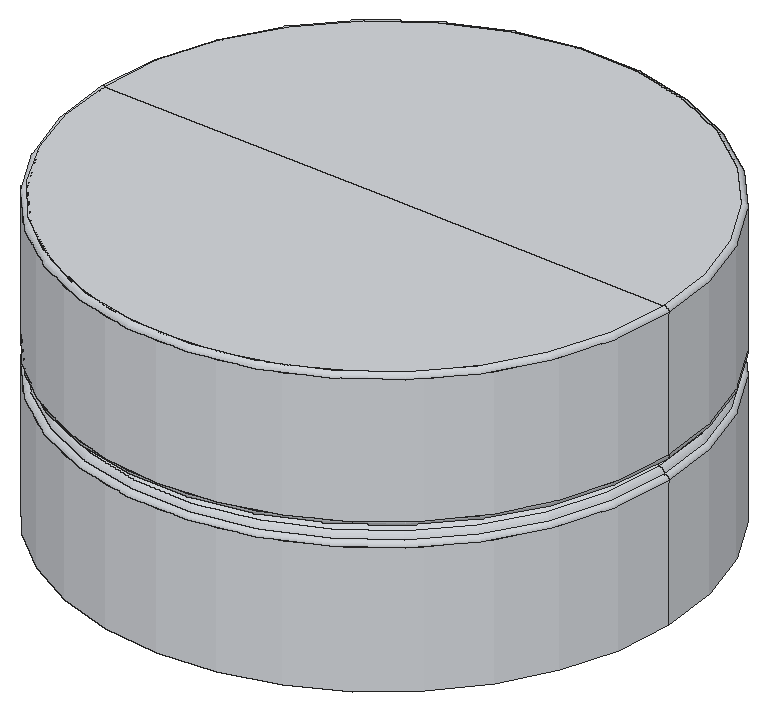
Revit family "Faucet-Handle-KOHLER-Components-K-77963", category Plumbing Fixtures, host Face, Revit 2015
Parameters (values of type "CP-Polished Chrome")
  Width = 2 3/8"  # constant formula
  Waste Water Outlet = "Waste Water Outlet"  # constant formula
  Waste Connection = 1 = 0  # no
  Vent Connection = 1 = 0  # no
  URL = "https://www.us.kohler.com/us/"
  Type = 1
  Product Page URL = "http://www.us.kohler.com/us/catalog/productDetails.jsp?productNumber=77963-8A"
  Product Name = "Components"  # constant formula
  Product Documentation Link = "http://www.us.kohler.com/onlinecatalog/pdf/K-77963-8A_spec.pdf"
  Pressure = 0.00 psi
  Model = if(Type = 1, "K-77963-8A-CP", if(Type = 2, "K-77963-8A-BL", if(Type = 3, "K-77963-8A-TT", "NA")))  # "K-77963-8A-CP"
  Material = "Premium Metal Construction"  # constant formula
  MasterFormat 2004 = "22.41.39"  # constant formula
  MasterFormat 1995 = "15410"  # constant formula
  Manufacturer Address = "444 Highland Dr, Kohler, WI 53044"  # constant formula
  Manufacturer = "KOHLER Co."  # constant formula
  Length = 2 3/8"  # constant formula
  Hot Water Inlet = "Hot Water Inlet"  # constant formula
  Height = 1 3/16"  # constant formula
  Handle Clearance = 1 3/16"  # constant formula
  HW Connection = 1 = 1  # yes
  Flow Rate = 0 GPM
  Finish = Kohler-Metal-CP-Polished_Chrome
  Environmental Product Declaration = ""
  Drain Included = 1 = 0  # no
  Description = "Remote Valve Bathroom Sink Faucet Handle"  # constant formula
  Default Elevation = 36"
  Declare Label = ""
  Date Modified = "07/03/2018"  # constant formula
  Date Created = "07/03/2018"  # constant formula
  Copyright = "Copyright KOHLER Co."  # constant formula
  Contact Us = "https://www.us.kohler.com/us/static/contact.jsp"
  Cold Water Inlet = "Cold Water Inlet"  # constant formula
  CW Connection = 1 = 1  # yes
  Assembly Code = "D2010"
  ADA Compliant = 1 = 1  # yes
Types (4): name | Type | Model | Finish
  (no name) | 1 | "K-77963-8A-CP" | Kohler-Metal-CP-Polished_Chrome
  CP-Polished Chrome | 1 | "K-77963-8A-CP" | Kohler-Metal-CP-Polished_Chrome
  BL-Matte black | 2 | "K-77963-8A-BL" | Kohler-Metal-BL-Matte_Black
  TT-Vibrant Titanium | 3 | "K-77963-8A-TT" | Kohler-Metal-TT-Vibrant_Titanium
Reference planes (in)
  plane 1 "Center (Front/Back)": y = 0
  plane 2: z = 0
  plane 3 "Center (Left/Right)": x = 0
  plane 4: y = -1.1875
  plane 5: y = 1.1875
  plane 6: z = 1.1875
  plane 7: x = -1.1875
  plane 8: x = 1.1875
Dimensions and locks (in)
  "Height": plane 6 to plane 2
  "Length": plane 4 to plane 5
  equal spacing: plane 4, plane 1 "Center (Front/Back)", plane 5
  equal spacing: plane 7, plane 3 "Center (Left/Right)", plane 8
  "Width": plane 7 to plane 8
  "Handle Clearance": plane 8 to plane 3 "Center (Left/Right)"
  aligned and locked: plane 2 to host face
  aligned and locked: level to host face
Automatic sketch dimensions
  host sketch curve to host sketch curve = 96"  (x2)
Nested families (in)
  nested 1: "K-77963-8A" at (0, 0, 0), type "K-77963-8A"
Connectors (in)
  piping at (-0.29884, 0, 0), diameter 0.375, driven by "Flow Rate", driven by "Pressure", driven by "HW Connection", driven by "Hot Water Inlet"
    settings: on nested 1, index 1, connector inside diameter 24", connector length 0", flow factor 0, pipe flow 0 GPM, pressure drop 0.00 psi, fitting loss kfactor 0, connector angle 0.00°, fixture units 0, engagement length 0", angle of deflection 0.00°, flow configuration 0, flow direction 1, fitting loss method 4, system type 19, joint type 0, gender type 0, connector reference index -1, connector utility 1, adjustable connector no, is connector primary yes, connector description "Hot Water Inlet"
  piping at (0.29884, 0, 0), diameter 0.375, driven by "Flow Rate", driven by "Pressure", driven by "CW Connection", driven by "Cold Water Inlet"
    settings: on nested 1, index 2, connector inside diameter 24", connector length 0", flow factor 0, pipe flow 0 GPM, pressure drop 0.00 psi, fitting loss kfactor 0, connector angle 0.00°, fixture units 0, engagement length 0", angle of deflection 0.00°, flow configuration 1, flow direction 1, fitting loss method 4, system type 20, joint type 0, gender type 0, connector reference index -1, connector utility 1, adjustable connector no, is connector primary no, connector description "Cold Water Inlet"
Definition of nested family "K-77963-8A"
  Parameters (values of type "K-77963-8A")
    Faucet Handle Material = none
  Reference planes (in)
    plane 1 "Center (Front/Back)": y = 0
    plane 2: z = 0
    plane 3 "Center (Left/Right)": x = 0
    plane 4: y = 1.1875
    plane 5: y = -1.1875
    plane 6: x = 1.1875
    plane 7: x = -1.1875
  Forms (in)
    Revolve 1, solid, material <- "Faucet Handle Material", detail levels medium+fine
      sketch origin (0, 0, 0) x (1, 0, 0) y (0, 0, 1)
        loop
          line (0, 0) -> (1.1875, 0) -> (1.1875, 0.53852)
          arc (1.1875, 0.53852) -> (1.1817, 0.55253) -> (1.16769, 0.55833) r 0.01981
          arc (1.16769, 0.55833) -> (1.16101, 0.57218) -> (1.15024, 0.58316) r 0.04744
          line (1.15024, 0.58316) -> (1.10518, 0.6162) -> (1.16756, 0.6162)
          arc (1.16756, 0.6162) -> (1.18166, 0.62204) -> (1.1875, 0.63614) r 0.01994
          line (1.1875, 0.63614) -> (1.1875, 1.16785)
          arc (1.1875, 1.16785) -> (1.18174, 1.18174) -> (1.16785, 1.1875) r 0.01965
          line (1.16785, 1.1875) -> (0, 1.1875) -> (0, 0)
        axis (0, 1.1875) -> (0, 0)
      angle from 0 to 360
    Revolve 2, solid, material <- "Faucet Handle Material", detail levels coarse
      sketch origin (0, 0, 0) x (1, 0, 0) y (0, 0, 1)
        loop
          line (0, 1.1875) -> (0, 0) -> (1.18727, 0) -> (1.18727, 1.1875) -> (0, 1.1875)
        axis (0, 1.1875) -> (0, 0)
      angle from 0 to 360
    Extrusion 3, solid, material <- "Faucet Handle Material", detail levels medium+fine
      sketch origin (0, 0, 0) x (1, 0, 0) y (0, 1, 0)
        loop
          circle (0.29884, 0) r 0.14942
        loop
          circle (-0.29884, 0) r 0.14942
      from 0 to 0.11786
  Lines and regions (in)
    Masking region 1
      outline origin (0, 0, 0) x (1, 0, 0) y (0, 1, 0)
        loop
          circle (0, 0) r 1.1875
    Masking region 2
      outline origin (0, 0, 0) x (0, 1, 0) y (0, 0, 1)
        loop
          line (1.1676, 1.1875) -> (-1.1676, 1.1875)
          arc (-1.1676, 1.1875) -> (-1.18167, 1.18167) -> (-1.1875, 1.1676) r 0.0199
          line (-1.1875, 1.1676) -> (-1.1875, 0.63588)
          arc (-1.1875, 0.63588) -> (-1.18176, 0.62202) -> (-1.16789, 0.61627) r 0.01961
          line (-1.16789, 0.61627) -> (-1.10502, 0.61627) -> (-1.14684, 0.58564)
          arc (-1.14684, 0.58564) -> (-1.15911, 0.57351) -> (-1.16732, 0.55833) r 0.05862
          arc (-1.16732, 0.55833) -> (-1.18154, 0.55244) -> (-1.18743, 0.53822) r 0.02011
          line (-1.18743, 0.53822) -> (-1.18743, 0) -> (1.18743, 0) -> (1.18743, 0.53822)
          arc (1.18743, 0.53822) -> (1.18154, 0.55244) -> (1.16732, 0.55833) r 0.02011
          arc (1.16732, 0.55833) -> (1.15911, 0.57351) -> (1.14684, 0.58564) r 0.05862
          line (1.14684, 0.58564) -> (1.10502, 0.61627) -> (1.16789, 0.61627)
          arc (1.16789, 0.61627) -> (1.18176, 0.62202) -> (1.1875, 0.63588) r 0.01961
          line (1.1875, 0.63588) -> (1.1875, 1.1676)
          arc (1.1875, 1.1676) -> (1.18167, 1.18167) -> (1.1676, 1.1875) r 0.0199
    Masking region 3
      outline origin (0, 0, 0) x (1, 0, 0) y (0, 0, 1)
        loop
          arc (-1.16773, 1.1875) -> (-1.18171, 1.18171) -> (-1.1875, 1.16773) r 0.01977
          line (-1.1875, 1.16773) -> (-1.1875, 0.63634)
          arc (-1.1875, 0.63634) -> (-1.1816, 0.6221) -> (-1.16737, 0.6162) r 0.02013
          line (-1.16737, 0.6162) -> (-1.10518, 0.6162) -> (-1.15022, 0.58317)
          arc (-1.15022, 0.58317) -> (-1.161, 0.57218) -> (-1.16769, 0.55832) r 0.04752
          arc (-1.16769, 0.55832) -> (-1.18172, 0.55227) -> (-1.1875, 0.53813) r 0.0202
          line (-1.1875, 0.53813) -> (-1.1875, 0) -> (1.1875, 0) -> (1.1875, 0.53813)
          arc (1.1875, 0.53813) -> (1.18172, 0.55227) -> (1.16769, 0.55832) r 0.0202
          arc (1.16769, 0.55832) -> (1.161, 0.57218) -> (1.15022, 0.58317) r 0.04752
          line (1.15022, 0.58317) -> (1.10518, 0.6162) -> (1.16737, 0.6162)
          arc (1.16737, 0.6162) -> (1.1816, 0.6221) -> (1.1875, 0.63634) r 0.02013
          line (1.1875, 0.63634) -> (1.1875, 1.16773)
          arc (1.1875, 1.16773) -> (1.18171, 1.18171) -> (1.16773, 1.1875) r 0.01977
          line (1.16773, 1.1875) -> (-1.16773, 1.1875)
    symbolic lines, detail levels medium+fine
      curve 1: line (0, 1.09882, 0.6162) -> (0, -1.09882, 0.6162)
      curve 2: line (0, 1.16103, 0.55833) -> (0, -1.16103, 0.55833)
      curve 3: line (-1.16727, 0, 0.6162) -> (1.09882, 0, 0.6162)
      curve 4: line (-1.16746, 0, 0.55833) -> (1.16133, 0, 0.55832)
      curve 5: arc (-0.91133, 0, 0) -> (0, 0.91133, 0) -> (0.91133, 0, 0) r 0.91133
      curve 6: arc (0.91133, 0, 0) -> (0, -0.91133, 0) -> (-0.91133, 0, 0) r 0.91133
  Dimensions and locks (in)
    locked: plane 5 to plane 4 at 2.375
    locked: plane 7 to plane 6 at 2.375
    aligned and locked: plane 2 to level
